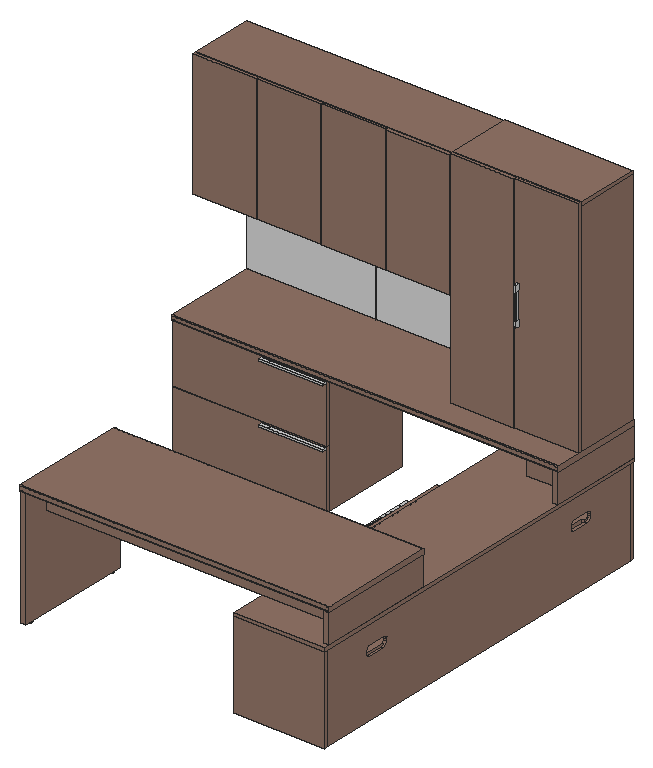
Revit family "FLV016", category Furniture, Revit 2015
Parameters
  Series = "Flux Veneer"
  Manufacturer = "JSI"
  Description = "FLV016"
Reference planes (in)
  plane 1 "Center Front/Back": y = 0
  plane 2: z = 0
  plane 3 "Center Left/Right": x = 0
Dimensions and locks (in)
  aligned and locked: level to plane 2
Nested families (in)
  nested 1: "JSI-Flux-Pensl_Crednz" at (0.06413, 31.25, 0.3125), type "FLV2290-29FPC4K, Lt File Pnsl Crdnz, R, Veneer"
    with Width 7' - 6", V_Top_Support_Dist 7' - 4 3/4", R_Door_Void_Dist 0' - 2", Pdst_Depth 1' - 9 3/4", C4 yes, C3 no, L_Door_Void_Dist 0' - 2", H_Top_Support_Dist 6' - 6 3/4", Depth 1' - 10", C_Pull_Dist 3' - 0", C_Pull no
  nested 2: "JSI-Flux- 21H_File_Strg_Crednz" at (43.25, 5.93587, 0) x (0, -1, 0) z (0, 0, 1), type "FLV2290-21F090, Dbl Sldng Dr Crdnz, Veneer"
    with Width 7' - 6", Top Doors no, R_Shocket Dist 1' - 0.29167", R_Pull_Bottom no, R_Pull Dist 4' - 11.61979", R_Pull no, R1_Partition no, L_Socket Dist 1' - 0.29167", Shelf Width 2' - 4.95833", Shelf Array Dist 2' - 5.70833", Partition Dist 2' - 4.95833", L_Pull_Bottom no, L_Pull Dist 2' - 6.38021", L_Pull no, L2_Partition no, F666 no, F090 yes, Ext_Shelf Width 2' - 5.70833", Door Width 2' - 6.33333", Door Height 1' - 8 11/16", Door Dist 2' - 5.83333", Door Array Dist 0' - 0", C_Pull_Bottom no, C_Pull Dist 3' - 9", C_Doors no, # of Shelf 3
  nested 3: "JSI-Flux-Strg_Tower" at (60.06413, 31.1875, 0.3125), type "FLV1630-52STD, 52"h Strg Tower, 2 Dr, Veneer"
    with WB_Shelf_Dist 0' - 8 1/8", Top Width 2' - 5 7/8", Width 2' - 5 7/8", Shelf Width 2' - 4 3/8", Pull Distance 1' - 3 35/64", Part_R_Dist 2' - 5 1/8", L no, Door Width 1' - 2 7/8", Door Array Dist 1' - 3", Back Width 2' - 4 3/8"
  nested 4: "JSI-Flux-Wall_Mount_Dbl_Ht_OH" at (0.06413, 31.25, 23.04976), type "FLV1660-29WSO, Wall Mount Dbl Ht OH, 4 Dr, Veneer"
    with Width 4' - 11 7/8", Shelf Width_L 2' - 4 13/16", Shelf Width_R 2' - 4 13/16", Shelf Dist_R 2' - 6 5/16", Shelf Dist_C 0' - 0 3/4", Partition Distance_R 2' - 5 9/16", Partition Distance_L 2' - 5 9/16", Door Width 1' - 2 7/8", Door Array Distance 1' - 3", Shelf Width_Central 2' - 4 13/16", # of Doors 4
  nested 5: "JSI-Flux-Wall_Mount_Tack_Panel" at (0.06413, 32.81967, -0.87094), type "FLB3024WT, Wall Mount Tack Panel"
    with Width 2' - 6", Height 2' - 0", Depth 0' - 1.56"
  nested 6: "JSI-Flux-Wall_Mount_Tack_Panel" at (30.06413, 32.81967, -0.85423), type "FLB3024WT, Wall Mount Tack Panel"
    with Width 2' - 6", Height 2' - 0", Depth 0' - 1.56"
  nested 7: "JSI-Flux-Rec_Tbl_Desk-Sec_Sup" at (17.93587, -35.88127, 0.3125) x (-1, 0, 0) z (0, 0, 1), type "FLV2872PDEPR, 72 x 28 Pen Tbl Dsk Sec Supp Right, Veneer"
    with Width 6' - 0", R Pnl H 0' - 0 5/16", L no, Pnl Dist 0' - 1 5/16", L Pnl H 1' - 9", Gld Pstn 5' - 11 9/32", Depth 2' - 3 1/2"
Definition of nested family "JSI-Flux-Pensl_Crednz"
  Parameters (values of type "Type Catalog - Pnsl Crdnz")
    Width = 8' - 0"
    V_Top_Support_Dist = if(Pdst_L, Width - 0' 0 1/16" - 0' 1 3/16", 0' 0 1/16")  # 7' - 10 3/4"
    V_Door_Void_Dist = if(C7, (if(Pdst_Width > 1' 10", 0' 0", 0' 2")), (if(C8, 0' 0", 0' 2")))  # 0' - 2"
    Top_V_Door_Void_Dist = if(C, 0' 0", 0' 2")  # 0' - 2"
    Top_Right_Pull_Dist = if(C3, (if(Width > 4' 6", (if(Pdst_L, Pdst_Width - 0' 0 7/32" - Pull Width, 0' 0 7/32")), ((Pdst_Width - Pull Width) / 2))), if(C4, (if(Width > 4' 6", (if(Pdst_L, Pdst_Width - 0' 0 7/32" - Pull Width, 0' 0 7/32")), ((Pdst_Width - Pull Width) / 2))), ((if(Pdst_Width > 1' 10", (Pdst_Width / 2) + 0' 0 7/32", (if(C7, (if(L, (Pdst_Width - Pull Width - 0' 0 7/32"), 0' 0 7/32")), (if(Width > 4' 6", (if(Pdst_L, Pdst_Width - 0' 0 7/32" - Pull Width, 0' 0 7/32")), ((Pdst_Width - Pull Width) / 2))))))))))  # 1' - 8 29/32"
    Top_Left_Pull_Dist = if(C3, (if(Width > 4' 6", (if(Pdst_L, Pdst_Width - 0' 0 7/32" - Pull Width, 0' 0 7/32")), ((Pdst_Width - Pull Width) / 2))), if(C4, (if(Width > 4' 6", (if(Pdst_L, Pdst_Width - 0' 0 7/32" - Pull Width, 0' 0 7/32")), ((Pdst_Width - Pull Width) / 2))), (if(Pdst_Width > 1' 10", ((Pdst_Width / 2) - 0' 0 7/32" - Pull Width), (if(C7, (if(L, (Pdst_Width - Pull Width - 0' 0 7/32"), 0' 0 7/32")), (if(Width > 4' 6", (if(Pdst_L, Pdst_Width - 0' 0 7/32" - Pull Width, 0' 0 7/32")), ((Pdst_Width - Pull Width) / 2)))))))))  # 1' - 8 29/32"
    Top Shelf = if(C8, 2 > 1, 1 > 2)  # no
    Top Pull V_Dist = if(C8, 0' 7 5/64", 0' 0 3/16")  # 0' - 0 3/16"
    Top Door = if(C8, 1 > 2, (if(C0, 1 > 2, 2 > 1)))  # yes
    Top = none
    URL = "www.jsifurniture.com"
    Type Comments = ""
    T_R_Pull = if(C0, 1 > 2, 2 > 1)  # yes
    T_L_Pull = if(C0, 1 > 2, 2 > 1)  # yes
    TAG = if(C1, "BBF", (if(C2, "FF", (if(C3, "BBF", (if(C4, "FF", (if(C8, "2 Doors", (if(C0, "Open", (if(C, "BBF", (if(C7, (if(Pdst_Width > 1' 10", "2 Doors", "1 Door")), "2 Doors")))))))))))))))  # "BBF"
    Shelf Height = if(Top Shelf, 1' 0 17/32", 0' 11 3/32")  # 0' - 11 3/32"
    Shelf = none
    Series = "FLUX"  # constant formula
    R_Door_Void_Dist = if(C1, 0' 0", (if(C3, 0' 0", (if(C, (if(L, 0' 0", 0' 2")), 0' 2")))))  # 0' - 0"
    Pull Width = if(C4, 1' 2 7/8", (if(C3, 1' 2 7/8", 0' 10 27/32")))  # 1' - 2 7/8"
    Pull Finish = none
    Pdst_Width = if(C1, 1' 6", (if(C2, 1' 6", 3' 0")))  # 3' - 0"
    Pdst_L = yes
    Pdst_Dist = if(Pdst_L, 0' 0 1/16", Width - Pdst_Width - 0' 0 1/16")  # 0' - 0 1/16"
    Pdst_Depth = Depth - 0' 0 1/4"  # 1' - 9 13/16"
    Model = ""
    Manufacturer = "JSI"  # constant formula
    C8 = no
    C7 = no
    C4 = no
    C3 = yes
    C2 = no
    C1 = no
    C0 = no
    C = no
    L_Door_Void_Dist = if(C1, 0' 0", (if(C3, 0' 0", (if(C, (if(L, 0' 2", 0' 0")), 0' 2")))))  # 0' - 0"
    L = no
    Keynote = "12500"
    JSI Enviromental Website = "http://www.jsifurniture.com/jsi_sustainability_intro.php"
    Height = 2' - 5"
    H_Top_Support_Dist = if(Pdst_L, Width - 0' 1 3/16" - 0' 10" - 0' 0 1/16", 0' 0 1/16" + 0' 1 3/16")  # 7' - 0 3/4"
    Glides = none
    Drawer Line = if(C1, 2 > 1, (if(C2, 2 > 1, (if(C3, 2 > 1, (if(C4, 2 > 1, (if(C, 2 > 1, (if(C7, (if(Pdst_Width > 1' 10", 1 > 2, 2 > 1)), 1 > 2)))))))))))  # yes
    Doors Line = if(C, 2 > 1, 1 > 2)  # no
    Door Line = if(C7, (if(Pdst_Width > 1' 10", 2 > 1, 1 > 2)), (if(C8, 2 > 1, (if(C, 2 > 1, 1 > 2)))))  # no
    Door Height = if(C7, (Height - 0' 0 5/16" - 0' 0 1/4" - 0' 1 3/16"), (if(C8, (Height - 0' 0 5/16" - 0' 7 3/32" - 0' 1 3/16"), (Height - 0' 0 5/16" - 0' 0 1/4" - 0' 0 1/8" - 0' 1 3/16") / 2)))  # 1' - 1 9/16"
    Depth = 1' - 10 1/16"
    C_Shelf = if(C0, 2 > 1, (if(C1, 2 > 1, (if(C2, 2 > 1, (if(C7, 2 > 1, (if(C8, 2 > 1, 1 > 2)))))))))  # no
    C_Pull_Dist = if(C, (if(L, ((Pdst_Width / 2) + 0' 0 7/32"), ((Pdst_Width / 2) - 0' 0 7/32" - Pull Width))), (if(C1, (if(Width > 4' 6", (if(Pdst_L, Pdst_Width - 0' 0 7/32" - Pull Width, 0' 0 7/32")), ((Pdst_Width - Pull Width) / 2))), (if(C3, (if(Width > 4' 6", (if(Pdst_L, Pdst_Width - 0' 0 7/32" - Pull Width, 0' 0 7/32")), ((Pdst_Width - Pull Width) / 2))), Pdst_Width)))))  # 1' - 8 29/32"
    C_Pull = if(C, 2 > 1, (if(C1, 2 > 1, (if(C3, 2 > 1, 1 > 2)))))  # yes
    C_Partition = if(C0, 1 > 2, (if(C1, 1 > 2, (if(C2, 1 > 2, (if(C3, 1 > 2, (if(C4, 1 > 2, (if(C7, 1 > 2, (if(C8, 1 > 2, 2 > 1)))))))))))))  # no
    Bottom_Pull_Dist = if(C, ((Pdst_Width - BT_Pull_Width) / 2), (if(Pdst_L, Pdst_Width - 0' 0 7/32" - BT_Pull_Width, 0' 0 7/32")))  # 1' - 8 29/32"
    Bottom Panel Dist = if(C7, 0' 0", (if(C8, 0' 0", (if(C0, 0' 0", 0' 5 1/8")))))  # 0' - 5 1/8"
    Bottom Door = if(C0, 1 > 2, 2 > 1)  # yes
    Back Panel = none
    Door Front = none
    Description = ""
    Chassis = none
    BT_Pull_Width = if(C2, (if(Pdst_Width > 1' 10", 1' 2 7/8", 0' 10 27/32")), (if(C4, (if(Pdst_Width > 1' 10", 1' 2 7/8", 0' 10 27/32")), (if(C3, (if(Pdst_Width > 1' 10", 1' 2 7/8", 0' 10 27/32")), (if(C, (if(Pdst_Width > 1' 10", 1' 2 7/8", 0' 10 27/32")), 0' 10 27/32")))))))  # 1' - 2 7/8"
    BT_Pull_Line = if(C0, 1 > 2, 1 > 2)  # no
    BT_Pull = if(C7, 1 > 2, (if(C8, 1 > 2, (if(C0, 1 > 2, 2 > 1)))))  # yes
    Assembly Code = "E2020200"
  Reference planes (in)
    plane 1: z = 0
    plane 2 "Center (Left/Right)": x = -36.06413
    plane 3 "Center (Front/Back)": y = 10.75
    plane 4: x = -36.00163
    plane 5: x = -35.25163
    plane 6: x = -0.00163
    plane 7: x = -0.75163
    plane 8: y = -11.1875
    plane 9: y = 10.625
    plane 10: y = 9.875
    plane 11: x = -18.00163
    plane 12: y = -10.4375
    plane 13: z = 27.8125
    plane 14: z = 0.3125
    plane 15: z = 1.5
    plane 16: z = 2.25
    plane 17: z = 16.71875
    plane 18: z = 15.96875
    plane 19: z = 27.0625
    plane 20: z = 20.96875
    plane 21: z = 20.21875
    plane 22: z = 25.0625
    plane 23: y = 7.15625
    plane 24: y = 6.71875
    plane 25: y = 2.21875
    plane 26: y = -5.9375
    plane 27: y = -6.4375
    plane 28: y = 5.40625
    plane 29: y = 9.09375
    plane 30: y = -9
    plane 31: x = -34.25163
    plane 32: x = -1.75163
    plane 33: y = 8.59375
    plane 34: y = 6.09375
    plane 35: x = -21.00163
    plane 36: x = -15.00163
    plane 37: x = -18.37663
    plane 38: x = -17.62663
    plane 39: z = 27.6875
    plane 40: z = 0.4375
    plane 41: z = 14
    plane 42: z = 14.125
    plane 43: x = -18.06413
    plane 44: x = -17.93913
    plane 45: x = -35.93913
    plane 46: x = -0.06413
    plane 47: z = 20.84375
    plane 48: z = 20.96875
    plane 49: z = 20.90625
    plane 50: y = -10.4375
    plane 51: y = -11.4375
    plane 52: y = -10.4375
    plane 53: y = -11.4375
    plane 54: y = -12.4375
    plane 55: y = -13.4375
    plane 56: y = -12.4375
    plane 57: y = -13.4375
    plane 58: x = -15.09538
    plane 59: x = -15.09538
    plane 60: x = -15.09538
    plane 61: x = -15.09538
    plane 62: z = 27.5
    plane 63: z = 20.65625
    plane 64: z = 13.8125
    plane 65: z = 29
    plane 66: x = 59.93587
    plane 67: x = 59.87337
    plane 68: x = 58.68587
    plane 69: y = 10.6875
    plane 70: y = -11.3125
    plane 71: z = 22.8125
    plane 72: y = -0.28125
    plane 73: y = 5.23437
    plane 74: y = -5.79688
    plane 75: y = 5.82812
    plane 76: y = 4.64062
    plane 77: y = -5.20313
    plane 78: y = -6.39063
    plane 79: z = 21
    plane 80: x = 58.68587
    plane 81: x = 48.68587
  Forms (in)
    Extrusion 1, solid, material <- "Chassis"
      sketch origin (0, 0, 0) x (0, 1, 0) y (0, 0, 1)
        loop
          line (10.6875, 27.8125) -> (-10.4375, 27.8125) -> (-10.4375, 0.3125) -> (10.6875, 0.3125) -> (10.6875, 27.8125)
      from -36.00163 to -35.25163
    Extrusion 2, solid, material <- "Chassis"
      sketch origin (0, 0, 0) x (0, 1, 0) y (0, 0, 1)
        loop
          line (10.6875, 27.8125) -> (-10.4375, 27.8125) -> (-10.4375, 0.3125) -> (10.6875, 0.3125) -> (10.6875, 27.8125)
      from -0.75163 to -0.00163
    Extrusion 3, solid, material <- "Shelf"
      sketch origin (0, 0, 0) x (0, 1, 0) y (0, 0, 1)
        loop
          line (-6.4375, 1.5) -> (-10.4375, 1.5) -> (-10.4375, 0.3125) -> (-6.4375, 0.3125) -> (-6.4375, 1.5)
      from -35.25163 to -0.75163
    Extrusion 4, solid, material <- "Shelf"
      sketch origin (0, 0, 0) x (0, 1, 0) y (0, 0, 1)
        loop
          line (5.40625, 2.25) -> (-10.4375, 2.25) -> (-10.4375, 1.5) -> (5.40625, 1.5) -> (5.40625, 2.25)
      from -35.25163 to -0.75163
    Extrusion 5, solid, material <- "Top"
      sketch origin (0, 0, 0) x (0, 1, 0) y (0, 0, 1)
        loop
          line (6.71875, 27.0625) -> (6.71875, 27.8125) -> (2.21875, 27.8125) -> (2.21875, 27.0625) -> (6.71875, 27.0625)
      from -35.25163 to -0.75163
    Extrusion 6, solid, material <- "Top"
      sketch origin (0, 0, 0) x (0, 1, 0) y (0, 0, 1)
        loop
          line (-6.4375, 27.8125) -> (-10.4375, 27.8125) -> (-10.4375, 27.0625) -> (-6.4375, 27.0625) -> (-6.4375, 27.8125)
      from -35.25163 to -0.75163
    Extrusion 7, solid, material <- "Glides"
      sketch origin (0, 0, 0) x (1, 0, 0) y (0, 1, 0)
        loop
          circle (-34.25163, 9.09375) r 0.5
      from 0 to 0.3125
    Extrusion 8, solid, material <- "Glides"
      sketch origin (0, 0, 0) x (1, 0, 0) y (0, 1, 0)
        loop
          circle (-1.75163, 9.09375) r 0.5
      from 0 to 0.3125
    Extrusion 9, solid, material <- "Glides"
      sketch origin (0, 0, 0) x (1, 0, 0) y (0, 1, 0)
        loop
          circle (-34.25163, -9) r 0.5
      from 0 to 0.3125
    Extrusion 10, solid, material <- "Glides"
      sketch origin (0, 0, 0) x (1, 0, 0) y (0, 1, 0)
        loop
          circle (-1.75163, -9) r 0.5
      from 0 to 0.3125
    Extrusion 11, solid, material <- "Shelf", visible <- "C_Shelf"
      sketch origin (0, 0, 0) x (0, 1, 0) y (0, 0, 1)
        loop
          line (9.875, 16.71875) -> (-10.4375, 16.71875) -> (-10.4375, 15.96875) -> (9.875, 15.96875) -> (9.875, 16.71875)
      from -35.25163 to -0.75163
    Extrusion 12, solid, material <- "Shelf", visible <- "Top Shelf"
      sketch origin (0, 0, 0) x (1, 0, 0) y (0, 1, 0)
        loop
          line (-0.75163, 9.09375) -> (-35.25163, 9.09375) -> (-35.25163, -10.4375) -> (-0.75163, -10.4375) -> (-0.75163, 9.09375)
        loop
          line (-16.00163, 8.59375) -> (-20.00163, 8.59375)
          arc (-20.00163, 8.59375) -> (-20.70874, 8.30086) -> (-21.00163, 7.59375) r 1
          line (-21.00163, 7.59375) -> (-21.00163, 7.09375)
          arc (-21.00163, 7.09375) -> (-20.70874, 6.38664) -> (-20.00163, 6.09375) r 1
          line (-20.00163, 6.09375) -> (-16.00163, 6.09375)
          arc (-16.00163, 6.09375) -> (-15.29453, 6.38664) -> (-15.00163, 7.09375) r 1
          line (-15.00163, 7.09375) -> (-15.00163, 7.59375)
          arc (-15.00163, 7.59375) -> (-15.29453, 8.30086) -> (-16.00163, 8.59375) r 1
      from 20.21875 to 20.96875
    Extrusion 13, solid, material <- "Chassis", visible <- "C_Partition"
      sketch origin (0, 0, 0) x (0, 1, 0) y (0, 0, 1)
        loop
          line (9.875, 27.0625) -> (-10.4375, 27.0625) -> (-10.4375, 14.0625) -> (9.875, 14.0625) -> (9.875, 27.0625)
      from -18.37663 to -17.62663
    Extrusion 14, solid, material <- "Door Front", visible <- "Top Door"
      sketch origin (0, 0, 0) x (1, 0, 0) y (0, 1, 0)
        loop
          line (-0.06413, -10.4375) -> (-35.93913, -10.4375) -> (-35.93913, -11.1875) -> (-0.06413, -11.1875) -> (-0.06413, -10.4375)
      from 14.125 to 27.6875
    Extrusion 15, solid, material <- "Door Front", visible <- "Bottom Door"
      sketch origin (0, 0, 0) x (1, 0, 0) y (0, 1, 0)
        loop
          line (-35.93913, -10.4375) -> (-35.93913, -11.1875) -> (-0.06413, -11.1875) -> (-0.06413, -10.4375) -> (-35.93913, -10.4375)
      from 0.4375 to 14
    Extrusion 16, void
      sketch origin (0, 0, 0) x (1, 0, 0) y (0, 1, 0)
        loop
          line (-36.00163, -10.4375) -> (-36.00163, -11.4375) -> (-17.93913, -11.4375) -> (-17.93913, -10.4375) -> (-36.00163, -10.4375)
      from 20.84375 to 20.96875
    Extrusion 17, void
      sketch origin (0, 0, 0) x (1, 0, 0) y (0, 1, 0)
        loop
          line (-18.06413, -10.4375) -> (-18.06413, -11.4375) -> (-0.00163, -11.4375) -> (-0.00163, -10.4375) -> (-18.06413, -10.4375)
      from 20.84375 to 20.96875
    Extrusion 18, void
      sketch origin (0, 0, 0) x (1, 0, 0) y (0, 1, 0)
        loop
          line (-18.06413, -12.4375) -> (-18.06413, -13.4375) -> (-17.93913, -13.4375) -> (-17.93913, -12.4375) -> (-18.06413, -12.4375)
      from 14 to 27.8125
    Extrusion 19, void
      sketch origin (0, 0, 0) x (1, 0, 0) y (0, 1, 0)
        loop
          line (-18.06413, -12.4375) -> (-18.06413, -13.4375) -> (-17.93913, -13.4375) -> (-17.93913, -12.4375) -> (-18.06413, -12.4375)
      from 0 to 27.8125
    Extrusion 20, solid, material <- "Back Panel"
      sketch origin (0, 0, 0) x (0, 1, 0) y (0, 0, 1)
        loop
          line (9.875, 27.8125) -> (8.59375, 27.8125) -> (8.59375, 22.8125) -> (9.875, 22.8125) -> (9.875, 27.8125)
      from -35.25163 to -0.75163
    Extrusion 21, solid, material <- "Back Panel"
      sketch origin (0, 0, 0) x (0, 1, 0) y (0, 0, 1)
        loop
          line (10.625, 27.8125) -> (9.875, 27.8125) -> (9.875, 0.3125) -> (10.625, 0.3125) -> (10.625, 27.8125)
      from -35.25163 to -0.75163
    Extrusion 22, solid, material <- "Top"
      sketch origin (0, 0, 0) x (0, 1, 0) y (0, 0, 1)
        loop
          line (10.625, 29) -> (-11.1875, 29)
          arc (-11.1875, 29) -> (-11.27589, 28.96339) -> (-11.3125, 28.875) r 0.125
          line (-11.3125, 28.875) -> (-11.3125, 27.9375)
          arc (-11.3125, 27.9375) -> (-11.27589, 27.84911) -> (-11.1875, 27.8125) r 0.125
          line (-11.1875, 27.8125) -> (10.625, 27.8125)
          arc (10.625, 27.8125) -> (10.71339, 27.84911) -> (10.75, 27.9375) r 0.125
          line (10.75, 27.9375) -> (10.75, 28.875)
          arc (10.75, 28.875) -> (10.71339, 28.96339) -> (10.625, 29) r 0.125
      from -36.06413 to 59.93587
    Extrusion 23, solid, material <- "Chassis"
      sketch origin (0, 0, 0) x (1, 0, 0) y (0, 1, 0)
        loop
          line (58.68587, 5.82812) -> (48.68587, 5.82812) -> (48.68587, 4.64062) -> (58.68587, 4.64062) -> (58.68587, 5.82812)
      from 21 to 27.8125
    Extrusion 24, solid, material <- "Chassis"
      sketch origin (0, 0, 0) x (1, 0, 0) y (0, 1, 0)
        loop
          line (48.68587, -5.20313) -> (48.68587, -6.39063) -> (58.68587, -6.39063) -> (58.68587, -5.20313) -> (48.68587, -5.20313)
      from 21 to 27.8125
    Extrusion 25, solid, material <- "Chassis"
      sketch origin (0, 0, 0) x (1, 0, 0) y (0, 1, 0)
        loop
          line (58.68587, 10.75) -> (58.68587, -11.3125) -> (59.87337, -11.3125) -> (59.87337, 10.75) -> (58.68587, 10.75)
      from 21 to 27.8125
  Cuts and joins
    Extrusion 16, Extrusion 17, Extrusion 18, Extrusion 19 cuts Extrusion 14
    Extrusion 19 cuts Extrusion 15
  Lines and regions (in)
    symbolic lines, visible <- "C_Partition", detail levels medium+fine
      curve 1: line (-18.37663, 9.875, 0) -> (-18.37663, -10.4375, 0)
      curve 2: line (-17.62663, 9.875, 0) -> (-17.62663, -10.4375, 0)
      curve 3: line (-17.62663, 9.875, 0) -> (-18.37663, 9.875, 0)
      curve 4: line (-17.62663, -10.4375, 0) -> (-18.37663, -10.4375, 0)
    symbolic lines
      curve 5: line (-36.06413, 10.75, 0) -> (-36.06413, -11.3125, 0)
      curve 6: line (59.93587, 10.75, 0) -> (-36.06413, 10.75, 0)
      curve 7: line (59.93587, -11.3125, 0) -> (-36.06413, -11.3125, 0)
      curve 8: line (59.93587, 10.75, 0) -> (59.93587, -11.3125, 0)
    symbolic lines, detail levels medium+fine
      curve 9: line (58.68587, 10.75, 0) -> (58.68587, -11.3125, 0)
      curve 10: line (59.87337, 10.75, 0) -> (59.87337, -11.3125, 0)
      curve 11: line (59.87337, 10.75, 0) -> (58.68587, 10.75, 0)
      curve 12: line (59.87337, -11.3125, 0) -> (58.68587, -11.3125, 0)
      curve 13: line (58.68587, 5.82812, 0) -> (48.68587, 5.82812, 0)
      curve 14: line (58.68587, 4.64062, 0) -> (48.68587, 4.64062, 0)
      curve 15: line (48.68587, 5.82812, 0) -> (48.68587, 4.64062, 0)
      curve 16: line (58.68587, 5.82812, 0) -> (58.68587, 4.64062, 0)
      curve 17: line (58.68587, -5.20313, 0) -> (48.68587, -5.20313, 0)
      curve 18: line (58.68587, -6.39063, 0) -> (48.68587, -6.39063, 0)
      curve 19: line (48.68587, -5.20313, 0) -> (48.68587, -6.39063, 0)
      curve 20: line (58.68587, -5.20313, 0) -> (58.68587, -6.39063, 0)
      curve 21: line (-0.75163, 10.625, 0) -> (-35.25163, 10.625, 0)
      curve 22: line (-0.75163, 9.875, 0) -> (-35.25163, 9.875, 0)
      curve 23: line (-36.00163, 10.6875, 0) -> (-36.00163, -10.4375, 0)
      curve 24: line (-35.25163, 10.6875, 0) -> (-35.25163, -10.4375, 0)
      curve 25: line (-35.25163, 10.6875, 0) -> (-36.00163, 10.6875, 0)
      curve 26: line (-35.25163, -10.4375, 0) -> (-36.00163, -10.4375, 0)
      curve 27: line (-0.75163, 10.6875, 0) -> (-0.75163, -10.4375, 0)
      curve 28: line (-0.00163, 10.6875, 0) -> (-0.00163, -10.4375, 0)
      curve 29: line (-0.00163, 10.6875, 0) -> (-0.75163, 10.6875, 0)
      curve 30: line (-0.00163, -10.4375, 0) -> (-0.75163, -10.4375, 0)
  Dimensions and locks (in)
    "Pdst_Width": plane 4 to plane 6
    equal spacing: plane 4, plane 11, plane 6
    plane 10 to plane 9 to plane 3 "Center (Front/Back)" = 0' - 0 3/4" locked, 0' - 0 1/8" locked
    locked: plane 8 to plane 12 at 0.75
    plane 4 to plane 5 to plane 31 = 0' - 0 3/4" locked, 0' - 1" locked
    plane 32 to plane 7 to plane 6 = 0' - 1" locked, 0' - 0 3/4" locked
    locked: plane 13 to plane 19 at 0.75
    locked: plane 17 to plane 18 at 0.75
    locked: plane 14 to plane 1 at 0.3125
    plane 16 to plane 15 to plane 14 = 0' - 0 3/4" locked, 0' - 1 3/16" locked
    "Shelf Height": plane 13 to plane 17
    locked: plane 20 to plane 21 at 0.75
    locked: plane 13 to plane 20 at 6.84375
    locked: plane 13 to plane 22 at 2.75
    plane 25 to plane 24 to plane 23 to plane 3 "Center (Front/Back)" = 0' - 4 1/2" locked, 0' - 0 7/16" locked, 0' - 3 19/32" locked
    locked: plane 12 to plane 26 at 4.5
    locked: plane 12 to plane 27 at 4
    locked: plane 29 to plane 3 "Center (Front/Back)" at 1.65625
    locked: plane 12 to plane 30 at 1.4375
    plane 34 to plane 33 to plane 10 = 0' - 2 1/2" locked, 0' - 1 9/32" locked
    locked: plane 35 to plane 36 at 6
    equal spacing: plane 35, plane 11, plane 36
    plane 37 to plane 11 to plane 38 = 0' - 0 3/8" locked, 0' - 0 3/8" locked
    locked: plane 13 to plane 39 at 0.125
    locked: plane 16 to plane 40 at 1.8125
    "Door Height": plane 41 to plane 40
    "Door Height": plane 39 to plane 42
    plane 43 to plane 11 to plane 44 = 0' - 0 1/16" locked, 0' - 0 1/16" locked
    locked: plane 4 to plane 45 at 0.0625
    locked: plane 46 to plane 6 at 0.0625
    plane 48 to plane 49 to plane 47 = 0' - 0 1/16" locked, 0' - 0 1/16" locked
    equal spacing: plane 39, plane 49, plane 42
    locked: plane 51 to plane 50 at 1
    locked: plane 53 to plane 52 at 1
    "L_Door_Void_Dist": plane 50 to plane 12
    "R_Door_Void_Dist": plane 52 to plane 12
    locked: plane 55 to plane 54 at 1
    "Top_V_Door_Void_Dist": plane 54 to plane 12
    locked: plane 57 to plane 56 at 1
    "V_Door_Void_Dist": plane 56 to plane 12
    locked: plane 47 to plane 63 at 0.1875
    "Top Pull V_Dist": plane 39 to plane 62
    locked: plane 41 to plane 64 at 0.1875
    "Top_Left_Pull_Dist": plane 4 to plane 58
    "Top_Right_Pull_Dist": plane 4 to plane 59
    "C_Pull_Dist": plane 4 to plane 60
    "Bottom_Pull_Dist": plane 4 to plane 61
    "Height": plane 65 to plane 1
    "Pdst_Dist": plane 2 "Center (Left/Right)" to plane 4
    "Pdst_Depth": plane 8 to plane 9
    locked: plane 69 to plane 3 "Center (Front/Back)" at 0.0625
    locked: plane 70 to plane 8 at 0.125
    "Depth": plane 70 to plane 3 "Center (Front/Back)"
    locked: plane 13 to plane 71 at 5
    "Width": plane 2 "Center (Left/Right)" to plane 66
    equal spacing: plane 70, plane 72, plane 3 "Center (Front/Back)"
    equal spacing: plane 72, plane 73, plane 3 "Center (Front/Back)"
    equal spacing: plane 70, plane 74, plane 72
    locked: plane 78 to plane 77 at 1.1875
    locked: plane 74 to plane 77 at 0.59375
    locked: plane 76 to plane 75 at 1.1875
    locked: plane 73 to plane 75 at 0.59375
    locked: plane 13 to plane 79 at 6.8125
    locked: plane 81 to plane 80 at 10
    locked: plane 68 to plane 67 at 1.1875
    "H_Top_Support_Dist": plane 2 "Center (Left/Right)" to plane 81
    "V_Top_Support_Dist": plane 2 "Center (Left/Right)" to plane 68
    locked: curve 25 to curve 26 at 21.125
    locked: curve 29 to curve 30 at 21.125
    locked: curve 23 to curve 24 at 0.75
    locked: curve 27 to curve 28 at 0.75
    curve 29 to curve 30 = 1' - 9 1/8"
    radius of Extrusion 7 sketch curve = 0' - 0 1/2"
    radius of Extrusion 8 sketch curve = 0' - 0 1/2"
    radius of Extrusion 9 sketch curve = 0' - 0 1/2"
    radius of Extrusion 10 sketch curve = 0' - 0 1/2"
    aligned and locked: level to plane 1
    aligned and locked: plane 13 to Extrusion 1 sketch curve
    aligned and locked: plane 12 to Extrusion 1 sketch curve
    aligned and locked: plane 14 to Extrusion 1 sketch curve
    aligned and locked: Extrusion 1 to plane 4
    aligned and locked: plane 5 to Extrusion 1
    aligned and locked: plane 13 to Extrusion 2 sketch curve
    aligned and locked: plane 12 to Extrusion 2 sketch curve
    aligned and locked: plane 14 to Extrusion 2 sketch curve
    aligned and locked: Extrusion 2 to plane 7
    aligned and locked: plane 6 to Extrusion 2
    aligned and locked: plane 27 to Extrusion 3 sketch curve
    aligned and locked: plane 12 to Extrusion 3 sketch curve
    aligned and locked: plane 15 to Extrusion 3 sketch curve
    aligned and locked: plane 14 to Extrusion 3 sketch curve
    aligned and locked: Extrusion 3 to plane 5
    aligned and locked: plane 7 to Extrusion 3
    aligned and locked: plane 16 to Extrusion 4 sketch curve
    aligned and locked: plane 15 to Extrusion 4 sketch curve
    aligned and locked: plane 12 to Extrusion 4 sketch curve
    aligned and locked: plane 28 to Extrusion 4 sketch curve
    aligned and locked: Extrusion 4 to plane 5
    aligned and locked: plane 7 to Extrusion 4
    aligned and locked: plane 19 to Extrusion 5 sketch curve
    aligned and locked: plane 13 to Extrusion 5 sketch curve
    aligned and locked: plane 24 to Extrusion 5 sketch curve
    aligned and locked: plane 25 to Extrusion 5 sketch curve
    aligned and locked: plane 27 to Extrusion 6 sketch curve
    aligned and locked: plane 12 to Extrusion 6 sketch curve
    aligned and locked: plane 19 to Extrusion 6 sketch curve
    aligned and locked: plane 13 to Extrusion 6 sketch curve
    aligned and locked: Extrusion 6 to plane 5
    aligned and locked: Extrusion 5 to plane 5
    aligned and locked: plane 7 to Extrusion 6
    aligned and locked: plane 7 to Extrusion 5
    aligned and locked: Extrusion 7 to plane 1
    aligned and locked: Extrusion 9 to plane 1
    aligned and locked: Extrusion 8 to plane 1
    aligned and locked: Extrusion 10 to plane 1
    aligned and locked: plane 14 to Extrusion 7
    aligned and locked: plane 14 to Extrusion 9
    aligned and locked: plane 14 to Extrusion 8
    aligned and locked: plane 14 to Extrusion 10
    aligned and locked: plane 17 to Extrusion 11 sketch curve
    aligned and locked: plane 18 to Extrusion 11 sketch curve
    aligned and locked: plane 12 to Extrusion 11 sketch curve
    aligned and locked: Extrusion 11 to plane 5
    aligned and locked: plane 7 to Extrusion 11
    aligned and locked: Extrusion 12 sketch curve to plane 29
    aligned and locked: Extrusion 12 sketch curve to plane 5
    aligned and locked: Extrusion 12 sketch curve to plane 7
    aligned and locked: Extrusion 12 sketch curve to plane 12
    aligned and locked: plane 20 to Extrusion 12
    aligned and locked: Extrusion 12 to plane 21
    aligned and locked: Extrusion 12 sketch curve to plane 33
    aligned and locked: Extrusion 12 sketch curve to plane 34
    aligned and locked: Extrusion 12 sketch curve to plane 35
    aligned and locked: Extrusion 12 sketch curve to plane 36
    aligned and locked: plane 10 to Extrusion 13 sketch curve
    aligned and locked: plane 19 to Extrusion 13 sketch curve
    aligned and locked: plane 12 to Extrusion 13 sketch curve
    aligned and locked: Extrusion 13 to plane 37
    aligned and locked: plane 38 to Extrusion 13
    aligned and locked: Extrusion 14 sketch curve to plane 12
    aligned and locked: Extrusion 14 sketch curve to plane 8
    aligned and locked: Extrusion 14 sketch curve to plane 45
    aligned and locked: Extrusion 14 sketch curve to plane 46
    aligned and locked: plane 39 to Extrusion 14
    aligned and locked: Extrusion 14 to plane 42
    aligned and locked: Extrusion 15 sketch curve to plane 45
    aligned and locked: Extrusion 15 sketch curve to plane 12
    aligned and locked: Extrusion 15 sketch curve to plane 8
    aligned and locked: Extrusion 15 sketch curve to plane 46
    aligned and locked: plane 41 to Extrusion 15
    aligned and locked: Extrusion 15 to plane 40
    aligned and locked: Extrusion 16 sketch curve to plane 4
    aligned and locked: Extrusion 16 sketch curve to plane 50
    aligned and locked: Extrusion 16 sketch curve to plane 51
    aligned and locked: Extrusion 17 sketch curve to plane 52
    aligned and locked: Extrusion 17 sketch curve to plane 53
    aligned and locked: Extrusion 17 sketch curve to plane 6
    aligned and locked: plane 48 to Extrusion 16
    aligned and locked: plane 48 to Extrusion 17
    aligned and locked: Extrusion 16 to plane 47
    aligned and locked: Extrusion 17 to plane 47
    aligned and locked: Extrusion 16 sketch curve to plane 44
    aligned and locked: Extrusion 17 sketch curve to plane 43
    aligned and locked: Extrusion 18 sketch curve to plane 43
    aligned and locked: Extrusion 18 sketch curve to plane 44
    aligned and locked: Extrusion 18 sketch curve to plane 54
    aligned and locked: Extrusion 18 sketch curve to plane 55
    aligned and locked: plane 13 to Extrusion 18
    aligned and locked: Extrusion 18 to plane 41
    aligned and locked: Extrusion 19 sketch curve to plane 43
    aligned and locked: Extrusion 19 sketch curve to plane 44
    aligned and locked: Extrusion 19 sketch curve to plane 57
    aligned and locked: Extrusion 19 sketch curve to plane 56
    aligned and locked: plane 13 to Extrusion 19
    aligned and locked: nested 1 to plane 58
    aligned and locked: nested 2 to plane 59
    aligned and locked: plane 8 to nested 1
    aligned and locked: plane 8 to nested 2
    aligned and locked: nested 3 to plane 60
    aligned and locked: plane 8 to nested 3
    aligned and locked: nested 4 to plane 61
    aligned and locked: plane 8 to nested 4
    aligned and locked: plane 62 to nested 1
    aligned and locked: plane 62 to nested 2
    aligned and locked: plane 63 to nested 3
    aligned and locked: plane 64 to nested 4
    aligned and locked: Extrusion 19 to plane 1
    aligned and locked: Extrusion 19 to plane 56
    aligned and locked: plane 11 to nested 5
    aligned and locked: curve 1 to plane 37
    aligned and locked: curve 2 to plane 38
    aligned and locked: curve 3 to plane 10
    aligned and locked: curve 4 to plane 12
    aligned and locked: Extrusion 1 sketch curve to plane 69
    aligned and locked: Extrusion 2 sketch curve to plane 69
    aligned and locked: plane 10 to Extrusion 20 sketch curve
    aligned and locked: plane 33 to Extrusion 20 sketch curve
    aligned and locked: plane 71 to Extrusion 20 sketch curve
    aligned and locked: Extrusion 20 sketch curve to plane 13
    aligned and locked: Extrusion 20 to plane 5
    aligned and locked: plane 7 to Extrusion 20
    aligned and locked: plane 9 to Extrusion 21 sketch curve
    aligned and locked: plane 10 to Extrusion 21 sketch curve
    aligned and locked: plane 13 to Extrusion 21 sketch curve
    aligned and locked: plane 14 to Extrusion 21 sketch curve
    aligned and locked: Extrusion 21 to plane 5
    aligned and locked: plane 7 to Extrusion 21
    aligned and locked: Extrusion 11 sketch curve to plane 10
    aligned and locked: plane 65 to Extrusion 22 sketch curve
    aligned and locked: plane 13 to Extrusion 22 sketch curve
    aligned and locked: plane 3 "Center (Front/Back)" to Extrusion 22 sketch curve
    aligned and locked: plane 70 to Extrusion 22 sketch curve
    aligned and locked: Extrusion 22 to plane 2 "Center (Left/Right)"
    aligned and locked: plane 66 to Extrusion 22
    aligned and locked: Extrusion 23 sketch curve to plane 75
    aligned and locked: Extrusion 23 sketch curve to plane 76
    aligned and locked: Extrusion 23 sketch curve to plane 81
    aligned and locked: Extrusion 23 sketch curve to plane 80
    aligned and locked: Extrusion 24 sketch curve to plane 81
    aligned and locked: Extrusion 24 sketch curve to plane 77
    aligned and locked: Extrusion 24 sketch curve to plane 78
    aligned and locked: Extrusion 24 sketch curve to plane 80
    aligned and locked: Extrusion 24 to plane 13
    aligned and locked: Extrusion 23 to plane 13
    aligned and locked: Extrusion 24 to plane 79
    aligned and locked: Extrusion 23 to plane 79
    aligned and locked: Extrusion 25 sketch curve to plane 68
    aligned and locked: Extrusion 25 sketch curve to plane 67
    aligned and locked: Extrusion 25 sketch curve to plane 3 "Center (Front/Back)"
    aligned and locked: Extrusion 25 sketch curve to plane 70
    aligned and locked: Extrusion 25 to plane 13
    aligned and locked: Extrusion 25 to plane 79
    aligned and locked: curve 5 to plane 2 "Center (Left/Right)"
    aligned and locked: curve 6 to plane 3 "Center (Front/Back)"
    aligned and locked: curve 7 to plane 70
    aligned and locked: curve 8 to plane 66
    aligned and locked: curve 9 to plane 68
    aligned and locked: curve 10 to plane 67
    aligned and locked: curve 11 to plane 3 "Center (Front/Back)"
    aligned and locked: curve 12 to plane 70
    aligned and locked: curve 13 to plane 75
    aligned and locked: curve 14 to plane 76
    aligned and locked: curve 15 to plane 81
    aligned and locked: curve 16 to plane 80
    aligned and locked: curve 17 to plane 77
    aligned and locked: curve 18 to plane 78
    aligned and locked: curve 19 to plane 81
    aligned and locked: curve 20 to plane 80
    aligned and locked: plane 5 to curve 21
    aligned and locked: plane 7 to curve 22
    aligned and locked: curve 25 to plane 69
    aligned and locked: curve 27 to plane 7
    aligned and locked: curve 23 to plane 4
  Automatic sketch dimensions
    plane 29 to Extrusion 7 sketch curve = 0' - 0"
    Extrusion 7 sketch curve to plane 31 = 0' - 0"
    plane 29 to Extrusion 8 sketch curve = 0' - 0"
    Extrusion 8 sketch curve to plane 32 = 0' - 0"
    plane 30 to Extrusion 9 sketch curve = 0' - 0"
    Extrusion 9 sketch curve to plane 31 = 0' - 0"
    plane 30 to Extrusion 10 sketch curve = 0' - 0"
    Extrusion 10 sketch curve to plane 32 = 0' - 0"
    plane 35 to Extrusion 12 sketch curve = 0' - 1"
    plane 23 to Extrusion 12 sketch curve = 0' - 0 1/16"
    Extrusion 12 sketch curve to plane 36 = 0' - 1"  (x2)
    Extrusion 22 sketch curve to plane 8 = 0' - 0"  (x2)
    Extrusion 22 sketch curve to plane 9 = 0' - 0"  (x2)
    curve 21 to plane 7 = 0' - 0"
    plane 12 to curve 27 = 0' - 0"
    plane 10 to curve 22 = 0' - 0"
    plane 9 to curve 21 = 0' - 0"
    plane 41 to Extrusion 13 sketch curve = 0' - 0 1/16"
  Nested families (in)
    nested 1: "Bar Pull CL" at (-10.90001, -11.1875, 27.5), visible <- "T_L_Pull", Pull Line <- "T_L_Pull", Pull Finish <- "Pull Finish", type "PL"
      with Pull Line yes, Pull Finish none
    nested 2: "Bar Pull CL" at (-10.90001, -11.1875, 27.5), visible <- "T_R_Pull", Pull Line <- "T_R_Pull", Pull Finish <- "Pull Finish", type "PL"
      with Pull Line yes, Pull Finish none
    nested 3: "Bar Pull CL" at (-10.90001, -11.1875, 20.65625), visible <- "C_Pull", Pull Line <- "C_Pull", Pull Finish <- "Pull Finish", type "PL"
      with Pull Line yes, Pull Finish none
    nested 4: "Bar Pull CL_Long" at (-10.90001, -11.1875, 13.8125), visible <- "BT_Pull", Pull Finish <- "Pull Finish", Pull Lines <- "BT_Pull_Line", type "PL"
      with Pull Lines no, Pull Finish none, Stud 0' - 2 1/8", Long Pull Width 1' - 2 7/8"
    nested 5: "Label 1-16" at (-18.00163, -11.13238, 0), type "DRWCFG"
  Definition of nested family "Bar Pull CL"
    Parameters
      Stud = Pull Width / 7  # 0' - 2 1/8"
      Pull Width = 1' - 2 7/8"
      Pull Line [instance] = yes
      Pull Finish [instance] = none
    Reference planes (in)
      plane 1 "Center Front/Back": y = 0
      plane 2: z = 0
      plane 3 "Center Left/Right": x = 3.24213
      plane 4: y = -0.125
    Forms (in)
      Extrusion 1, solid, material <- "Pull Finish"
        sketch origin (0, 0, 0) x (1, 0, 0) y (0, 1, 0)
          loop
            line (-4.19537, 0) -> (-4.19537, -0.85113)
            arc (-4.19537, -0.85113) -> (-4.16792, -0.91742) -> (-4.10162, -0.94488) r 0.09375
            line (-4.10162, -0.94488) -> (10.60089, -0.94488)
            arc (10.60089, -0.94488) -> (10.65656, -0.92182) -> (10.67963, -0.86614) r 0.07874
            line (10.67963, -0.86614) -> (10.67963, 0) -> (8.55463, 0) -> (8.55463, -0.70177)
            arc (8.55463, -0.70177) -> (8.51801, -0.79016) -> (8.42963, -0.82677) r 0.125
            line (8.42963, -0.82677) -> (-1.94537, -0.82677)
            arc (-1.94537, -0.82677) -> (-2.03376, -0.79016) -> (-2.07037, -0.70177) r 0.125
            line (-2.07037, -0.70177) -> (-2.07037, 0) -> (-4.19537, 0)
        from -0.43307 to -0.11811
      Extrusion 2, solid, material <- "Pull Finish"
        sketch origin (0, 0, 0) x (1, 0, 0) y (0, 1, 0)
          loop
            line (-4.19537, 0) -> (-4.19537, -0.85113)
            arc (-4.19537, -0.85113) -> (-4.16792, -0.91742) -> (-4.10162, -0.94488) r 0.09375
            line (-4.10162, -0.94488) -> (10.60089, -0.94488)
            arc (10.60089, -0.94488) -> (10.65656, -0.92182) -> (10.67963, -0.86614) r 0.07874
            line (10.67963, -0.86614) -> (10.67963, 0) -> (-4.19537, 0)
        from 0 to -0.11811
    Cuts and joins
      joined: Extrusion 1, Extrusion 2
    Lines and regions (in)
      symbolic lines, visible <- "Pull Line"
        curve 1: line (-4.19537, -0.125, 0) -> (-4.19537, -0.85113, 0)
        curve 2: line (10.67963, -0.86614, 0) -> (10.67963, -0.125, 0)
        curve 3: line (-4.10162, -0.94488, 0) -> (10.60089, -0.94488, 0)
        curve 4: arc (-4.19537, -0.85113, 0) -> (-4.16792, -0.91742, 0) -> (-4.10162, -0.94488, 0) r 0.09375
        curve 5: arc (10.60089, -0.94488, 0) -> (10.65656, -0.92182, 0) -> (10.67963, -0.86614, 0) r 0.07874
    Dimensions and locks (in)
      equal spacing: Extrusion 1 sketch curve, plane 3 "Center Left/Right", Extrusion 1 sketch curve
      "Stud": Extrusion 1 sketch curve to Extrusion 1 sketch curve  (x2)
      "Pull Width": Extrusion 1 sketch curve to Extrusion 1 sketch curve
      locked: plane 4 to plane 1 "Center Front/Back" at 0.125
      aligned and locked: level to plane 2
      aligned and locked: Extrusion 2 sketch curve to Extrusion 1  (x2)
      aligned and locked: cut or joined group of Extrusion 1, Extrusion 2 to curve 1
      aligned and locked: curve 4 to cut or joined group of Extrusion 1, Extrusion 2
      aligned and locked: curve 5 to cut or joined group of Extrusion 1, Extrusion 2
      aligned and locked: plane 4 to curve 1
      aligned and locked: plane 4 to curve 2
    Automatic sketch dimensions
      plane 1 "Center Front/Back" to Extrusion 2 sketch curve = 0' - 0"
      plane 1 "Center Front/Back" to Extrusion 1 sketch curve = 0' - 0"  (x2)
      Extrusion 1 sketch curve to Extrusion 1 sketch curve = 0' - 0 3/32"
      Extrusion 1 sketch curve to Extrusion 1 sketch curve = 0' - 0 1/8"  (x2)
      Extrusion 1 sketch curve to Extrusion 1 sketch curve = 0' - 0.07874"
      plane 4 to Extrusion 1 sketch curve = 0' - 0.57677"
      plane 4 to Extrusion 1 sketch curve = 0' - 0.72613"
  Definition of nested family "Bar Pull CL_Long"
    Parameters
      Stud = Long Pull Width / 7  # 0' - 2.12261"
      Pull Lines [instance] = yes
      Long Pull Width = 1' - 2.85827"
      Pull Finish [instance] = none
    Reference planes (in)
      plane 1 "Center Front/Back": y = 0
      plane 2: z = 0
      plane 3 "Center Left/Right": x = 3.24213
    Forms (in)
      Extrusion 1, solid, material <- "Pull Finish"
        sketch origin (0, 0, 0) x (1, 0, 0) y (0, 1, 0)
          loop
            line (-4.18701, 0) -> (-4.18701, -0.85113)
            arc (-4.18701, -0.85113) -> (-4.15955, -0.91742) -> (-4.09326, -0.94488) r 0.09375
            line (-4.09326, -0.94488) -> (10.59252, -0.94488)
            arc (10.59252, -0.94488) -> (10.6482, -0.92182) -> (10.67126, -0.86614) r 0.07874
            line (10.67126, -0.86614) -> (10.67126, 0) -> (8.54865, 0) -> (8.54865, -0.70177)
            arc (8.54865, -0.70177) -> (8.51204, -0.79016) -> (8.42365, -0.82677) r 0.125
            line (8.42365, -0.82677) -> (-1.9394, -0.82677)
            arc (-1.9394, -0.82677) -> (-2.02779, -0.79016) -> (-2.0644, -0.70177) r 0.125
            line (-2.0644, -0.70177) -> (-2.0644, 0) -> (-4.18701, 0)
        from -0.43307 to -0.11811
      Extrusion 2, solid, material <- "Pull Finish"
        sketch origin (0, 0, 0) x (1, 0, 0) y (0, 1, 0)
          loop
            line (-4.18701, 0) -> (-4.18701, -0.85113)
            arc (-4.18701, -0.85113) -> (-4.15955, -0.91742) -> (-4.09326, -0.94488) r 0.09375
            line (-4.09326, -0.94488) -> (10.59252, -0.94488)
            arc (10.59252, -0.94488) -> (10.6482, -0.92182) -> (10.67126, -0.86614) r 0.07874
            line (10.67126, -0.86614) -> (10.67126, 0) -> (-4.18701, 0)
        from 0 to -0.11811
    Cuts and joins
      joined: Extrusion 1, Extrusion 2
    Lines and regions (in)
      symbolic lines, visible <- "Pull Lines"
        curve 1: line (-4.18701, 0, 0) -> (-4.18701, -0.85113, 0)
        curve 2: line (-4.09326, -0.94488, 0) -> (10.59252, -0.94488, 0)
        curve 3: line (10.67126, -0.86614, 0) -> (10.67126, 0, 0)
        curve 4: arc (10.59252, -0.94488, 0) -> (10.6482, -0.92182, 0) -> (10.67126, -0.86614, 0) r 0.07874
        curve 5: arc (-4.18701, -0.85113, 0) -> (-4.15955, -0.91742, 0) -> (-4.09326, -0.94488, 0) r 0.09375
    Dimensions and locks (in)
      equal spacing: Extrusion 1 sketch curve, plane 3 "Center Left/Right", Extrusion 1 sketch curve
      "Stud": Extrusion 1 sketch curve to Extrusion 1 sketch curve  (x2)
      "Long Pull Width": Extrusion 1 sketch curve to Extrusion 1 sketch curve
      aligned and locked: level to plane 2
      aligned and locked: Extrusion 2 sketch curve to Extrusion 1  (x2)
      aligned and locked: cut or joined group of Extrusion 1, Extrusion 2 to curve 1
      aligned and locked: curve 4 to cut or joined group of Extrusion 1, Extrusion 2
      aligned and locked: curve 5 to cut or joined group of Extrusion 1, Extrusion 2
      aligned and locked: plane 1 "Center Front/Back" to curve 1
      aligned and locked: plane 1 "Center Front/Back" to curve 3
    Automatic sketch dimensions
      plane 1 "Center Front/Back" to Extrusion 2 sketch curve = 0' - 0"
      plane 1 "Center Front/Back" to Extrusion 1 sketch curve = 0' - 0"  (x2)
      Extrusion 1 sketch curve to Extrusion 1 sketch curve = 0' - 0 3/32"
      Extrusion 1 sketch curve to Extrusion 1 sketch curve = 0' - 0 1/8"  (x2)
      Extrusion 1 sketch curve to Extrusion 1 sketch curve = 0' - 0.07874"
      plane 1 "Center Front/Back" to Extrusion 1 sketch curve = 0' - 0.70177"
      Extrusion 1 sketch curve to Extrusion 1 sketch curve = 0' - 0.85113"
  Definition of nested family "Label 1-16"
    Parameters
      Model Name = "LOW DOOR"
    Reference planes (in)
      plane 1: y = 0
      plane 2: x = 0
    Text (in)
      label "XX" at (0.00051, -0.12324, 0), shows "Model Name"
Definition of nested family "JSI-Flux- 21H_File_Strg_Crednz"
  Parameters (values of type "Type Catalog - File Strg Crdnz")
    Worksurface = none
    Width = 8' - 0"
    URL = "www.jsifurniture.com"
    Type Comments = ""
    Top Doors = if(F909, 1 > 2, (if(F090, 1 > 2, (if(F09, 1 > 2, (if(F0, (if(F6, 2 > 1, 1 > 2)), 2 > 1)))))))  # yes
    TAG = if(F6, "BF", (if(F666, "BF - BF - BF", (if(F66, (if(F0, "Open", "BF - BF")), (if(F066, "Open - BF - BF", (if(F660, "BF - BF - Open", (if(F06, "Open - BF", (if(F60, "BF - Open", (if(F606, "BF - Open - BF", (if(F060, (if(F0, "Open", "Open - BF - Open")), (if(F909, "1 Door - Open - 1 Door", (if(F090, "Open - 1 Door - Open", (if(F09, (if(F0, "Open", "Open - 1 Door")), "Open")))))))))))))))))))))))  # "BF - BF - BF"
    R_Shocket Dist = if(F666, Width + 0' 1", (if(F066, Width + 0' 1", (if(F606, ((Width / 2) - 0' 3"), ((Partition Dist / 2) + 0' 0 13/16" - 0' 3"))))))  # 8' - 1"
    R_Pull_Bottom = if(F660, 1 > 2, (if(F60, 1 > 2, (if(F060, 1 > 2, (if(F909, 1 > 2, (if(F090, 1 > 2, (if(F09, 1 > 2, (if(F0, 1 > 2, 2 > 1)))))))))))))  # yes
    R_Pull Dist = if(F66, (Door Width + 0' 0 1/4" + 0' 0 5/64"), (if(F06, (Door Width + 0' 0 1/4" + 0' 0 5/64"), (Door Width + (Width - ((Door Width + 0' 0 1/8") * 2) + 0' 0 13/64")))))  # 5' - 3.61979"
    R_Pull = if(F660, 1 > 2, (if(F60, 1 > 2, (if(F060, 1 > 2, (if(F090, 1 > 2, (if(F0, 1 > 2, 2 > 1)))))))))  # yes
    R2_Partition = if(F660, 1 > 2, (if(F60, 1 > 2, (if(F09, 1 > 2, (if(Width < 3' 4", 1 > 2, 2 > 1)))))))  # yes
    R1_Partition = if(F06, 1 > 2, (if(F606, 1 > 2, (if(F060, 1 > 2, (if(F909, 1 > 2, (if(F090, 1 > 2, (if(Width < 3' 4", 1 > 2, 2 > 1)))))))))))  # yes
    L_Socket Dist = if(F666, Width + 0' 1", (if(F660, Width + 0' 1", (if(F606, ((Width / 2) - 0' 3"), ((Partition Dist / 2) + 0' 0 13/16" - 0' 3"))))))  # 8' - 1"
    Shelf Width = if(Width < 3' 6", Partition Dist + 0' 0 3/4", (if(F066, Partition Dist + 0' 0 3/4", (if(F660, Partition Dist + 0' 0 3/4", (if(F06, Partition Dist + 0' 0 3/4", (if(F60, Partition Dist + 0' 0 3/4", Partition Dist)))))))))  # 2' - 6.95833"
    Shelf Dist. = if(F660, ((Partition Dist * 2) + 0' 0 3/4" + 0' 0 13/16"), (if(F60, (Partition Dist + 0' 0 3/4" + 0' 0 13/16"), (if(F606, (Partition Dist + 0' 0 3/4" + 0' 0 13/16"), 0' 0 13/16")))))  # 0' - 0 13/16"
    Shelf Array Dist = if(F060, (if(F0, (if(Width > 3' 0", Shelf Width + 0' 0 3/4", 0' 0")), ((Shelf Width * 2) + 0' 1 1/2"))), (if(F909, Shelf Width + 0' 0 3/4", (if(F090, Shelf Width + 0' 0 3/4", 0' 0")))))  # 0' - 0"
    Partition Dist = if(Width > 6' 6", ((Width - 0' 1 5/8" - 0' 1 1/2") / 3), (if(Width > 3' 0", (((Width - 0' 1 5/8") / 2) - 0' 0 3/4"), (Width - 0' 0 3/4" - 0' 1 5/8"))))  # 2' - 6.95833"
    Shelf = none
    Series = "FLUX"  # constant formula
    Pull Finish = none
    Model = ""
    Manufacturer = "JSI"  # constant formula
    L_Pull_Bottom = if(F066, 1 > 2, (if(F06, 1 > 2, (if(F060, 1 > 2, (if(F909, 1 > 2, (if(F090, 1 > 2, (if(F09, 1 > 2, (if(F0, 1 > 2, 2 > 1)))))))))))))  # yes
    L_Pull Dist = Door Width + 0' 0 1/8" - 0' 0 5/64"  # 2' - 8.38021"
    L_Pull = if(F066, 1 > 2, (if(F06, 1 > 2, (if(F060, 1 > 2, (if(F090, 1 > 2, (if(F09, 1 > 2, (if(F0, 1 > 2, 2 > 1)))))))))))  # yes
    L2_Partition = if(F60, 1 > 2, (if(F606, 1 > 2, (if(F060, 1 > 2, (if(F909, 1 > 2, (if(F090, 1 > 2, (if(F09, 1 > 2, (if(Width < 3' 4", 1 > 2, 2 > 1)))))))))))))  # yes
    L1_Partition = if(F066, 1 > 2, (if(F06, 1 > 2, (if(Width < 3' 4", 1 > 2, 2 > 1)))))  # yes
    Keynote = "12500"
    JSI Enviromental Website = "http://www.jsifurniture.com/jsi_sustainability_intro.php"
    Height = 1' - 9 1/4"
    Glides = none
    Glide = if(Width > 3' 0", 2 > 1, 1 > 2)  # yes
    F909 = no
    F666 = yes
    F660 = no
    F66 = no
    F606 = no
    F60 = no
    F6 = no
    F090 = no
    F09 = no
    F066 = no
    F060 = no
    F06 = no
    F0 = no
    Ext_Shelf Width = Shelf Width + 0' 0 3/4"  # 2' - 7.70833"
    Ext_Shelf = if(F09, 2 > 1, (if(F60, 2 > 1, 1 > 2)))  # no
    Door Width = if(F09, Partition Dist + 0' 1 3/8" + 0' 0 3/4", (if(Width < 3' 6", (Width - 0' 0 1/4"), Partition Dist + 0' 1 3/8")))  # 2' - 8.33333"
    Door Height = if(F909, (Height - 0' 0 7/16" - 0' 0 1/8"), (if(F090, (Height - 0' 0 7/16" - 0' 0 1/8"), if(F09, (Height - 0' 0 7/16" - 0' 0 1/8"), 1' 1 9/16"))))  # 1' - 1 9/16"
    Door Dist = if(F066, ((Partition Dist * 2) + 0' 1 5/8"), (if(F06, (Partition Dist + 0' 1 5/8"), (if(F060, (Partition Dist + 0' 0 7/8"), (if(F090, (Partition Dist + 0' 0 7/8"), (if(F09, (Partition Dist + 0' 0 7/8"), 0' 0 1/8")))))))))  # 0' - 0 1/8"
    Door Array Dist = if(F606, (Door Width + Partition Dist + 0' 0 1/8"), (if(F909, (Door Width + Partition Dist + 0' 0 1/8"), (if(F666, (Door Width + Partition Dist + 0' 0 1/8"), (if(F66, (Door Width + 0' 0 1/8"), 0' 0")))))))  # 5' - 3.41667"
    Door = if(F0, (if(F6, 2 > 1, 1 > 2)), 2 > 1)  # yes
    C_Pull_Bottom = if(F666, 2 > 1, (if(F066, 2 > 1, (if(F660, 2 > 1, (if(F6, 2 > 1, (if(F060, (if(F0, 1 > 2, 2 > 1)), 1 > 2)))))))))  # yes
    C_Pull Dist = if(F066, Door Width + 0' 0 1/8" + 0' 7 55/128" + 0' 0 13/64", (if(F660, (Door Width + (Width - ((Door Width + 0' 0 1/8") * 2) - 0' 0 5/64" - 0' 7 55/128")), Width / 2)))  # 4' - 0"
    C_Pull = if(F666, 2 > 1, (if(F066, 2 > 1, (if(F660, 2 > 1, (if(F6, 2 > 1, (if(F090, 2 > 1, (if(F060, (if(F0, 1 > 2, 2 > 1)), 1 > 2)))))))))))  # yes
    C_Doors = if(F666, 2 > 1, (if(F066, 2 > 1, (if(F660, 2 > 1, 1 > 2)))))  # yes
    Back Panel = none
    Door Front = none
    Description = ""
    Depth = 1' - 10"
    Chassis = none
    Assembly Code = "E2020200"
    # of Shelf = if(F909, 3, (if(F090, 3, (if(F0, (if(Width > 6' 6", 3, 2)), 2)))))  # 2
    # of Doors = 2
  Reference planes (in)
    plane 1: z = 0
    plane 2 "Center (Left/Right)": x = -36.06413
    plane 3 "Center (Front/Back)": y = 10.75
    plane 4: x = 59.93587
    plane 5: x = -36.00163
    plane 6: y = 10.6875
    plane 7: x = 59.87337
    plane 8: x = 11.93587
    plane 9: y = 10.625
    plane 10: y = -11.25
    plane 11: y = -11.125
    plane 12: y = -10.375
    plane 13: y = 9.875
    plane 14: y = 8.6875
    plane 15: y = 6.5
    plane 16: y = 6
    plane 17: y = 5.875
    plane 18: y = -6.375
    plane 19: y = -8.125
    plane 20: z = 0.3125
    plane 21: z = 1.5
    plane 22: z = 2.25
    plane 23: z = 21.25
    plane 24: z = 20.5
    plane 25: z = 19.75
    plane 26: z = 17.75
    plane 27: z = 13.625
    plane 28: z = 14
    plane 29: z = 13.25
    plane 30: x = -4.2933
    plane 31: x = 28.16503
    plane 32: x = -3.5433
    plane 33: x = 27.41503
    plane 34: x = -35.25163
    plane 35: x = 59.12337
    plane 36: x = 9.93587
    plane 37: x = 13.93587
    plane 38: y = 8.4375
    plane 39: z = 16.125
    plane 40: x = 60.93587
    plane 41: x = 66.93587
    plane 42: x = 8.93587
    plane 43: x = 14.93587
    plane 44: y = 9.375
    plane 45: y = 6.875
    plane 46: z = 21.125
    plane 47: z = 0.4375
    plane 48: z = 14
    plane 49: x = -35.93913
    plane 50: x = 59.81087
    plane 51: x = -2.7933
    plane 52: x = 26.66503
    plane 53: x = -3.6058
    plane 54: x = -3.4808
    plane 55: x = 27.35253
    plane 56: x = 27.47753
    plane 57: x = -3.25163
    plane 58: x = 27.7067
    plane 59: x = 61.93587
    plane 60: x = 65.93587
    plane 61: x = -43.06413
    plane 62: x = -37.06413
    plane 63: x = -42.06413
    plane 64: x = -38.06413
    plane 65: x = -34.93913
    plane 66: x = 58.12337
    plane 67: y = -9.375
    plane 68: z = 20.92187
    plane 69: z = 13.79688
    plane 70: x = -3.68393
    plane 71: x = 11.93587
    plane 72: x = 27.55566
    plane 73: x = 11.93587
    plane 74: y = 0.15625
    plane 75: x = 11.93587
    plane 76: z = 0.3125
    plane 77: z = 14.125
    plane 78: x = -34.25163
  Forms (in)
    Extrusion 1, solid, material <- "Chassis"
      sketch origin (0, 0, 0) x (1, 0, 0) y (0, 1, 0)
        loop
          line (-36.00163, 10.6875) -> (-36.00163, -10.375) -> (-35.25163, -10.375) -> (-35.25163, 10.6875) -> (-36.00163, 10.6875)
      from 0.3125 to 20.5
    Extrusion 2, solid, material <- "Chassis"
      sketch origin (0, 0, 0) x (1, 0, 0) y (0, 1, 0)
        loop
          line (59.12337, 10.6875) -> (59.12337, -10.375) -> (59.87337, -10.375) -> (59.87337, 10.6875) -> (59.12337, 10.6875)
      from 0.3125 to 20.5
    Extrusion 3, solid, material <- "Worksurface"
      sketch origin (0, 0, 0) x (0, 1, 0) y (0, 0, 1)
        loop
          line (6, 19.75) -> (6, 20.5) -> (-10.375, 20.5) -> (-10.375, 19.75) -> (6, 19.75)
      from -35.25163 to 59.12337
    Extrusion 4, solid, material <- "Chassis"
      sketch origin (0, 0, 0) x (0, 1, 0) y (0, 0, 1)
        loop
          line (9.875, 2.25) -> (-10.375, 2.25) -> (-10.375, 1.5) -> (9.875, 1.5) -> (9.875, 2.25)
      from -35.25163 to 59.12337
    Extrusion 5, solid, material <- "Chassis", visible <- "L1_Partition"
      sketch origin (0, 0, 0) x (0, 1, 0) y (0, 0, 1)
        loop
          line (6.5, 19.75) -> (-10.375, 19.75) -> (-10.375, 2.25) -> (9.875, 2.25) -> (9.875, 17.75) -> (7, 17.75)
          arc (7, 17.75) -> (6.64645, 17.89645) -> (6.5, 18.25) r 0.5
          line (6.5, 18.25) -> (6.5, 19.75)
      from -4.2933 to -3.5433
    Extrusion 6, solid, material <- "Chassis", visible <- "R2_Partition"
      sketch origin (0, 0, 0) x (0, 1, 0) y (0, 0, 1)
        loop
          line (6.5, 19.75) -> (-10.375, 19.75) -> (-10.375, 2.25) -> (9.875, 2.25) -> (9.875, 17.75) -> (7, 17.75)
          arc (7, 17.75) -> (6.64645, 17.89645) -> (6.5, 18.25) r 0.5
          line (6.5, 18.25) -> (6.5, 19.75)
      from 27.41503 to 28.16503
    Extrusion 7, solid, material <- "Back Panel"
      sketch origin (0, 0, 0) x (0, 1, 0) y (0, 0, 1)
        loop
          line (8.6875, 20.5) -> (8.6875, 17.75) -> (9.875, 17.75) -> (9.875, 20.5) -> (8.6875, 20.5)
      from -35.25163 to 59.12337
    Extrusion 8, solid, material <- "Chassis"
      sketch origin (0, 0, 0) x (0, 1, 0) y (0, 0, 1)
        loop
          line (9.875, 1.5) -> (5.875, 1.5) -> (5.875, 0.3125) -> (9.875, 0.3125) -> (9.875, 1.5)
      from -35.25163 to 59.12337
    Extrusion 9, solid, material <- "Chassis"
      sketch origin (0, 0, 0) x (0, 1, 0) y (0, 0, 1)
        loop
          line (-6.375, 1.5) -> (-10.375, 1.5) -> (-10.375, 0.3125) -> (-6.375, 0.3125) -> (-6.375, 1.5)
      from -35.25163 to 59.12337
    Extrusion 10, solid, material <- "Shelf"
      sketch origin (-32, 0, -1.03125) x (1, 0, 0) y (0, 1, 0)
        loop
          line (27.7067, -8.125) -> (27.7067, 9.875) -> (-3.25163, 9.875) -> (-3.25163, -8.125) -> (27.7067, -8.125)
      from 14.28125 to 15.03125
    Extrusion 11, solid, material <- "Back Panel"
      sketch origin (0, 0, 0) x (1, 0, 0) y (0, 1, 0)
        loop
          line (59.12337, 10.625) -> (-35.25163, 10.625) -> (-35.25163, 9.875) -> (59.12337, 9.875) -> (59.12337, 10.625)
      from 0.3125 to 20.5
    Extrusion 12, solid, material <- "Chassis", visible <- "L2_Partition"
      sketch origin (0, 0, 0) x (0, 1, 0) y (0, 0, 1)
        loop
          line (6.5, 19.75) -> (-10.375, 19.75) -> (-10.375, 2.25) -> (9.875, 2.25) -> (9.875, 17.75) -> (7, 17.75)
          arc (7, 17.75) -> (6.64645, 17.89645) -> (6.5, 18.25) r 0.5
          line (6.5, 18.25) -> (6.5, 19.75)
      from -3.5433 to -2.7933
    Extrusion 13, solid, material <- "Chassis", visible <- "R1_Partition"
      sketch origin (0, 0, 0) x (0, 1, 0) y (0, 0, 1)
        loop
          line (6.5, 19.75) -> (-10.375, 19.75) -> (-10.375, 2.25) -> (9.875, 2.25) -> (9.875, 17.75) -> (7, 17.75)
          arc (7, 17.75) -> (6.64645, 17.89645) -> (6.5, 18.25) r 0.5
          line (6.5, 18.25) -> (6.5, 19.75)
      from 26.66503 to 27.41503
    Extrusion 14, void
      sketch origin (-1.5, 0, 0) x (1, 0, 0) y (0, 0, 1)
        loop
          line (62.43587, 15.125) -> (62.43587, 14.625)
          arc (62.43587, 14.625) -> (62.72876, 13.91789) -> (63.43587, 13.625) r 1
          line (63.43587, 13.625) -> (67.43587, 13.625)
          arc (67.43587, 13.625) -> (68.14297, 13.91789) -> (68.43587, 14.625) r 1
          line (68.43587, 14.625) -> (68.43587, 15.125)
          arc (68.43587, 15.125) -> (68.14297, 15.83211) -> (67.43587, 16.125) r 1
          line (67.43587, 16.125) -> (63.43587, 16.125)
          arc (63.43587, 16.125) -> (62.72876, 15.83211) -> (62.43587, 15.125) r 1
      from -10.75 to -9.875
    Extrusion 15, solid, material <- "Shelf"
      sketch origin (-32, 0, -1.03125) x (1, 0, 0) y (0, 1, 0)
        loop
          line (27.7067, -8.125) -> (27.7067, 9.875) -> (-3.25163, 9.875) -> (-3.25163, -8.125) -> (27.7067, -8.125)
      from 14.28125 to 15.03125
    Extrusion 16, void
      sketch origin (0, 0, 0) x (1, 0, 0) y (0, 1, 0)
        loop
          line (65.93587, 10.75) -> (61.93587, 10.75) -> (61.93587, 9.875)
          arc (61.93587, 9.875) -> (62.08231, 9.52145) -> (62.43587, 9.375) r 0.5
          line (62.43587, 9.375) -> (65.43587, 9.375)
          arc (65.43587, 9.375) -> (65.78942, 9.52145) -> (65.93587, 9.875) r 0.5
          line (65.93587, 9.875) -> (65.93587, 10.75)
      from 13.25 to 14
    Extrusion 17, void
      sketch origin (18, 0, 0) x (1, 0, 0) y (0, 1, 0)
        loop
          line (-56.06413, 10.75) -> (-60.06413, 10.75) -> (-60.06413, 9.875)
          arc (-60.06413, 9.875) -> (-59.91769, 9.52145) -> (-59.56413, 9.375) r 0.5
          line (-59.56413, 9.375) -> (-56.56413, 9.375)
          arc (-56.56413, 9.375) -> (-56.21058, 9.52145) -> (-56.06413, 9.875) r 0.5
          line (-56.06413, 9.875) -> (-56.06413, 10.75)
      from 13.25 to 14
    Extrusion 18, void
      sketch origin (0, 0, 0) x (1, 0, 0) y (0, 0, 1)
        loop
          arc (-42.06413, 16.125) -> (-42.77124, 15.83211) -> (-43.06413, 15.125) r 1
